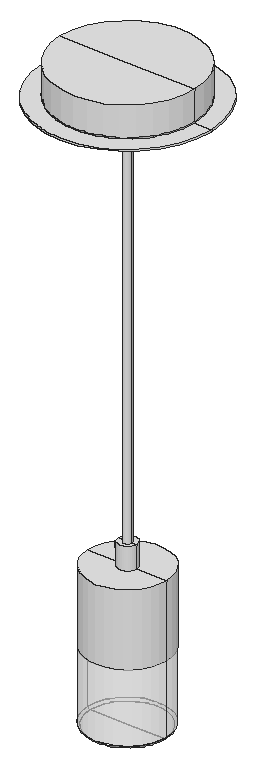
Revit family "3-68 Spirit Pendant", category Lighting Fixtures, host Ceiling, Revit 2018
Family settings
  Host = Ceiling
  Round Connector Dimension = Use Diameter
  Part Type = Normal
  OmniClass Number = 23.80.70.11
  OmniClass Title = Luminaries for Internal Lighting
  Always vertical = Yes
  Cut with Voids When Loaded = No
  Light Source = Yes
  Shared = No
  Room Calculation Point = No
Parameters (values of type "3-68-406 - White / Clear Bubble Glass")
  Wattage Comments = "6.99 W at 120 V"  # constant formula
  Wattage = 6.99 W
  built-in parameter 1150110 = 1 (stored number, unit not read)
  Voltage Input = "120 V or 277 V - 50/60 Hz"  # constant formula
  Voltage = 120 V
  URL = ""
  built-in parameter 1114217 = 1 (stored number, unit not read)
  Tilt Angle = 90.00°  # constant formula
  built-in parameter 1150109 = 1 (stored number, unit not read)
  built-in parameter 1150134 = 12
  built-in parameter 1150113 = 1 (stored number, unit not read)
  References = "Ref. 3 = 120 V / Ref. 37 = 277 V"  # constant formula
  Photometric Web File = "Spirit 3-68-20.ies"
  Model = "3-68-xxxx-Spirit (Pendant)"  # constant formula
  Metal Finish = 6 - White
  Manufacturer = "Oxygen Lighting"  # constant formula
  Main Diffuser = Clear Bubble Glass
  Lumens = 426.39 lm
  built-in parameter 1150115 = 1 (stored number, unit not read)
  built-in parameter 1150105 = 33.931 (stored number, unit not read)
  built-in parameter 1150137 = (empty or 0)
  built-in parameter 1150139 = (empty or 0)
  built-in parameter 1150112 = 1 (stored number, unit not read)
  built-in parameter 1150114 = 1 (stored number, unit not read)
  Lamp = "LED"  # constant formula
  built-in parameter 1150132 = (empty or 0)
  built-in parameter 1150102 = (empty or 0)
  built-in parameter 1150138 = (empty or 0)
  built-in parameter 1150107 = 4000 (stored number, unit not read)
  built-in parameter 1150106 = 0.33931 (stored number, unit not read)
  Hang Lenght [instance] = 15.00"
  built-in parameter 1150104 = 5.6671 (stored number, unit not read)
  Dimming Lamp Color Temperature Shift = <None>
  Color Filter = 16777215
  built-in parameter 1114218 = 1 (stored number, unit not read)
  built-in parameter 1150133 = 10 (stored number, unit not read)
Types (17): name | Wattage | URL | built-in parameter 1150134 | Metal Finish | Lumens | built-in parameter 1150105 | built-in parameter 1150132 | built-in parameter 1150107 | built-in parameter 1150106 | built-in parameter 1150104
  (no name) | 6.99 W | "" | 12 | 6 - White | 426.39 lm | 33.931 (stored number, unit not read) | (empty or 0) | 4000 (stored number, unit not read) | 0.33931 (stored number, unit not read) | 5.6671 (stored number, unit not read)
  3-68-15 - Black / Clear Bubble Glass | 6.99 W | "" | (empty or 0) | 15 - Black | 426.39 lm | 33.931 (stored number, unit not read) | (empty or 0) | 3000 (stored number, unit not read) | 0.33931 (stored number, unit not read) | 5.6671 (stored number, unit not read)
  3-68-24 - Satin Nickel / Clear Bubble Glass | 6.99 W | "" | (empty or 0) | 24 - Satin Nickel | 426.39 lm | 33.931 (stored number, unit not read) | (empty or 0) | 3000 (stored number, unit not read) | 0.33931 (stored number, unit not read) | 5.6671 (stored number, unit not read)
  3-68-2715 - Black / Clear Bubble Glass | 6.99 W | "" | (empty or 0) | 24 - Satin Nickel | 426.39 lm | 33.931 (stored number, unit not read) | (empty or 0) | 2700 (stored number, unit not read) | 0.33931 (stored number, unit not read) | 5.6671 (stored number, unit not read)
  3-68-2740 - Aged Brass / Clear Bubble Glass | 6.99 W | "" | (empty or 0) | 40 - Aged Brass | 426.39 lm | 33.931 (stored number, unit not read) | (empty or 0) | 2700 (stored number, unit not read) | 0.33931 (stored number, unit not read) | 5.6671 (stored number, unit not read)
  3-68-276 - White / Clear Bubble Glass | 6.99 W | "" | (empty or 0) | 6 - White | 426.39 lm | 33.931 (stored number, unit not read) | (empty or 0) | 2700 (stored number, unit not read) | 0.33931 (stored number, unit not read) | 5.6671 (stored number, unit not read)
  3-68-3515 - Black / Clear Bubble Glass | 6.99 W | "" | (empty or 0) | 15 - Black | 426.39 lm | 33.931 (stored number, unit not read) | (empty or 0) | 3500 (stored number, unit not read) | 0.33931 (stored number, unit not read) | 5.6671 (stored number, unit not read)
  3-68-3540 - Aged Brass / Clear Bubble Glass | 6.99 W | "" | (empty or 0) | 40 - Aged Brass | 426.39 lm | 33.931 (stored number, unit not read) | (empty or 0) | 3500 (stored number, unit not read) | 0.33931 (stored number, unit not read) | 5.6671 (stored number, unit not read)
  3-68-356 - White / Clear Bubble Glass | 6.99 W | "" | (empty or 0) | 6 - White | 426.39 lm | 33.931 (stored number, unit not read) | (empty or 0) | 3500 (stored number, unit not read) | 0.33931 (stored number, unit not read) | 5.6671 (stored number, unit not read)
  3-68-4015 - Black / Clear Bubble Glass | 6.99 W | "" | 12 | 40 - Aged Brass | 426.39 lm | 33.931 (stored number, unit not read) | (empty or 0) | 4000 (stored number, unit not read) | 0.33931 (stored number, unit not read) | 5.6671 (stored number, unit not read)
  3-68-4024 - Satin Nickel / Clear Bubble Glass | 6.99 W | "" | 12 | 24 - Satin Nickel | 426.39 lm | 33.931 (stored number, unit not read) | (empty or 0) | 4000 (stored number, unit not read) | 0.33931 (stored number, unit not read) | 5.6671 (stored number, unit not read)
  3-68-4040 - Aged Brass / Clear Bubble Glass | 6.99 W | "" | 12 | 40 - Aged Brass | 426.39 lm | 33.931 (stored number, unit not read) | (empty or 0) | 4000 (stored number, unit not read) | 0.33931 (stored number, unit not read) | 5.6671 (stored number, unit not read)
  3-68-406 - White / Clear Bubble Glass | 6.99 W | "" | 12 | 6 - White | 426.39 lm | 33.931 (stored number, unit not read) | (empty or 0) | 4000 (stored number, unit not read) | 0.33931 (stored number, unit not read) | 5.6671 (stored number, unit not read)
  3-68-6 - White / Clear Bubble Glass | 6.99 W | "" | (empty or 0) | 6 - White | 426.39 lm | 33.931 (stored number, unit not read) | (empty or 0) | 3000 (stored number, unit not read) | 0.33931 (stored number, unit not read) | 5.6671 (stored number, unit not read)
  3-68-40 - Aged Brass / Clear Bubble Glass | 12.1178 W | "" | (empty or 0) | 40 - Aged Brass | 1800 lm | 143.24 (stored number, unit not read) | 2 | 3000 (stored number, unit not read) | 1.4324 (stored number, unit not read) | 13.8 (stored number, unit not read)
  3-68-2724 - Satin Nickel / Clear Bubble Glass | 6.99 W | "" | (empty or 0) | 24 - Satin Nickel | 426.39 lm | 33.931 (stored number, unit not read) | (empty or 0) | 2700 (stored number, unit not read) | 0.33931 (stored number, unit not read) | 5.6671 (stored number, unit not read)
  3-68-3524 - Satin Nickel / Clear Bubble Glass | 6.99 W | "www.oxygenlighting.com" | (empty or 0) | 24 - Satin Nickel | 426.39 lm | 33.931 (stored number, unit not read) | (empty or 0) | 3500 (stored number, unit not read) | 0.33931 (stored number, unit not read) | 5.6671 (stored number, unit not read)
Reference planes (in)
  plane 1 "Light Source Axis (F/B)": y = 0
  plane 2 "Ceiling": z = 96
  plane 3 "Light Source Axis (L/R)": x = 0
  plane 4 "Light Source Elevation": z = 76.49654
  plane 5: z = 81
Forms (in)
  Revolve 1, solid, material "6 - White" <- "Metal Finish"
    sketch origin (0, 0, 0) x (1, 0, 0) y (0, 0, 1)
      loop
        line (-2.3622, 96) -> (-2.3622, 94.97638)
        arc (-2.3622, 94.97638) -> (-2.35067, 94.94854) -> (-2.32283, 94.93701) r 0.03937
        line (-2.32283, 94.93701) -> (-2.95276, 94.93701) -> (-2.95276, 94.87795) -> (-0.31496, 94.87795) -> (-0.31496, 94.12992) -> (0, 94.12992) -> (0, 96) -> (-2.3622, 96)
      axis (0, 96) -> (0, 94.12992)
    angle from 0 to 360
  Revolve 2, solid, material "6 - White" <- "Metal Finish"
    sketch origin (0, 0, 0) x (1, 0, 0) y (0, 0, 1)
      loop
        line (0, 81) -> (0, 94.12992) -> (-0.1378, 94.12992) -> (-0.1378, 81) -> (0, 81)
      axis (0, 81) -> (0, 94.12992)
    angle from 0 to 360
  Revolve 3, solid, material "6 - White" <- "Metal Finish"
    sketch origin (0, 0, 0) x (1, 0, 0) y (0, 0, 1)
      loop
        line (0, 81) -> (-0.31496, 81) -> (-0.31496, 80.25197) -> (-1.37795, 80.25197) -> (-1.37795, 77.75197) -> (0, 77.75197) -> (0, 81)
      axis (0, 77.75197) -> (0, 81)
    angle from 0 to 360
  Revolve 4, solid, material "Clear Bubble Glass" <- "Main Diffuser"
    sketch origin (0, 0, 0) x (1, 0, 0) y (0, 0, 1)
      loop
        line (0, 77.75197) -> (0, 75.25197) -> (1.30035, 75.25197)
        arc (1.30035, 75.25197) -> (1.35522, 75.2747) -> (1.37795, 75.32958) r 0.07761
        line (1.37795, 75.32958) -> (1.37795, 77.75197) -> (0, 77.75197)
      axis (0, 75.25197) -> (0, 77.75197)
    angle from 0 to 360
  Revolve 5, solid
    sketch origin (0, 0, 0) x (1, 0, 0) y (0, 0, 1)
      loop
        line (-0.31496, 80.92126) -> (-0.3622, 80.92126) -> (-0.3937, 80.88976) -> (-0.3937, 80.80315) -> (-0.31496, 80.80315) -> (-0.31496, 80.92126)
      axis (-0.3937, 80.80315) -> (-0.31496, 80.80315)
    angle from 0 to 360
Dimensions and locks (in)
  equal spacing: host sketch curve, plane 3 "Light Source Axis (L/R)", host sketch curve
  equal spacing: host sketch curve, plane 1 "Light Source Axis (F/B)", host sketch curve
  host sketch curve to host sketch curve = 120.00"  (x2)
  locked: Revolve 1 sketch curve to Revolve 1 sketch curve at 0.31496
  locked: Revolve 1 sketch curve to Revolve 1 sketch curve at 1.06299
  locked: Revolve 1 sketch curve to Revolve 1 sketch curve at 0.05906
  locked: Revolve 1 sketch curve to Revolve 1 sketch curve at 1.87008
  "Hang Lenght": plane 5 to plane 2 "Ceiling"
  locked: plane 4 "Light Source Elevation" to plane 5 at 4.50346
  locked: Revolve 3 sketch curve to plane 5 at 3.24803
  locked: imposter light to Revolve 3 sketch curve at 1.37795
  locked: Revolve 3 sketch curve to plane 5 at 0.74803
  locked: Revolve 4 sketch curve to Revolve 3 at 2.5
  locked: Revolve 4 sketch curve to imposter light at 1.37795
  locked: Revolve 5 sketch curve to plane 5 at 0.19685
  locked: Revolve 5 sketch curve to imposter light at 0.31496
  locked: Revolve 5 sketch curve to Revolve 5 sketch curve at 0.07874
  aligned and locked: plane 3 "Light Source Axis (L/R)" to imposter light
  aligned and locked: plane 1 "Light Source Axis (F/B)" to imposter light
  aligned and locked: plane 4 "Light Source Elevation" to imposter light
  aligned and locked: Revolve 1 sketch curve to imposter light
  aligned and locked: Revolve 1 sketch curve to Revolve 1 sketch curve
  aligned and locked: Revolve 1 sketch curve to host ceiling
  aligned and locked: Revolve 2 sketch curve to plane 3 "Light Source Axis (L/R)"
  aligned and locked: Revolve 1 to Revolve 2
  aligned and locked: plane 5 to Revolve 2
  aligned and locked: Revolve 3 sketch curve to imposter light
  aligned and locked: plane 5 to Revolve 3
  aligned and locked: Revolve 4 sketch curve to imposter light
  aligned and locked: Revolve 4 sketch curve to Revolve 3
Automatic sketch dimensions
  Revolve 1 sketch curve to Revolve 1 sketch curve = 2.00787"
  Revolve 1 sketch curve to Revolve 1 sketch curve = 0.03937"  (x2)
  Revolve 1 sketch curve to Revolve 1 sketch curve = 0.59055"
  Revolve 1 sketch curve to Revolve 1 sketch curve = 0.00"
  plane 4 "Light Source Elevation" to Revolve 1 sketch curve = 6.00"
  Revolve 1 sketch curve to Revolve 1 sketch curve = 1.50"
  Revolve 2 sketch curve to plane 3 "Light Source Axis (L/R)" = 0.00"
  Revolve 2 sketch curve to Revolve 2 sketch curve = 0.1378"
  Revolve 2 sketch curve to plane 2 "Ceiling" = 1.87008"
  Revolve 2 sketch curve to Revolve 2 sketch curve = 13.12992"
  Revolve 2 sketch curve to level = 8.94462"
  plane 2 "Ceiling" to Revolve 2 sketch curve = 12.77302"
  Revolve 3 sketch curve to plane 3 "Light Source Axis (L/R)" = 0.00"
  plane 5 to Revolve 3 sketch curve = 0.00"
  Revolve 3 sketch curve to Revolve 3 sketch curve = 0.31496"
  plane 4 "Light Source Elevation" to Revolve 3 sketch curve = 12.00"
  Revolve 3 sketch curve to plane 2 "Ceiling" = 7.46"
  Revolve 4 sketch curve to plane 3 "Light Source Axis (L/R)" = 0.00"
  Revolve 4 sketch curve to Revolve 4 sketch curve = 0.07761"
  Revolve 4 sketch curve to Revolve 4 sketch curve = 10.75543"
  Revolve 4 sketch curve to plane 2 "Ceiling" = 7.46"
  Revolve 5 sketch curve to Revolve 5 sketch curve = 0.0315"  (x2)
  Revolve 5 sketch curve to Revolve 5 sketch curve = 0.08661"
  Revolve 5 sketch curve to Revolve 5 sketch curve = 0.10807"
  Revolve 5 sketch curve to Revolve 5 sketch curve = 0.07871"
  Revolve 5 sketch curve to Revolve 5 sketch curve = 0.00"
Connectors (in)
  electrical at (0, 0, 96), driven by "Voltage"
    settings: on host ceiling, index 1, voltage 120 V, apparent load 0 VA, apparent load phase1 0 VA, apparent load phase2 0 VA, apparent load phase3 0 VA, power factor 1, load classification "Other", number of poles 1, system type 31, power factor state 1, is connector primary yes, connector utility no, sub classification motor no, connector description ""
